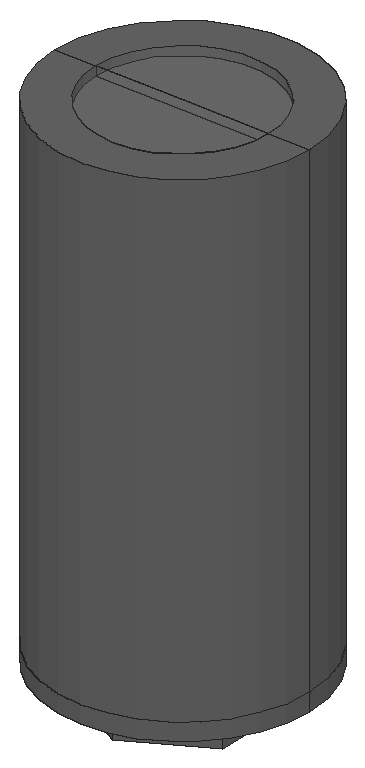
Revit family "LTC-6RDW-S", category Lighting Fixtures, host Face, Revit 2017
Family settings
  Host = Face
  Round Connector Dimension = Use Diameter
  Part Type = Normal
  OmniClass Number = 23.80.70.11.14.11
  OmniClass Title = Downlights
  Cut with Voids When Loaded = No
  Light Source = Yes
  Shared = No
  Room Calculation Point = No
Parameters (values of type "LTC-6RDW-S")
  Wattage Comments = ""
  Wattage = 70 W
  Warranty = "• 5 year warranty\r\n• See HLI Standard Warranty for\r\nadditional information"  # constant formula
  built-in parameter 1150110 = 1 (stored number, unit not read)
  Voltage = 120 V
  built-in parameter 1114217 = 1 (stored number, unit not read)
  Tilt Angle = -90.00°  # constant formula
  built-in parameter 1150109 = 1 (stored number, unit not read)
  built-in parameter 1150134 = 3
  built-in parameter 1150113 = 1 (stored number, unit not read)
  S = yes
  Product Material = Paint - Hubbell - Carbon Black
  Photometric Web File = "LTC-6RD-P-20L35K8MD-DM1-S-BL.ies"
  Glass = Hubbell - White Glass
  Features = "• 6inch architectural LED downlight and wall wash cylinder delivering 600 - 2500 lm \r\n• 4 beam distributions from 0.3 to 1.1 Spacing Criteria \r\n• Quiet reflector appearance with 50º optical cutoff \r\n• SpectraSync™ Color Tuning technology allows the flexibility to tailor CCT to aesthetic preferences\r\n• Available in Dim To Warm (2200K-3000K) or Tunable White (2700K-5000K or 2700K-6500K), 90+ CRI \r\n• Available in Surface, Wall, Pendant, or Cable/Cord Mount configurations \r\n• Versatile canopy options for recessed and surface-mounted J-box applications \r\n• Standard with 0-10V dimming to 5%\r\n"  # constant formula
  Cord Height = 72.000"
  built-in parameter 1150105 = 389.93 (stored number, unit not read)
  Lumens = 4900 lm
  built-in parameter 1150115 = 1 (stored number, unit not read)
  built-in parameter 1150137 = (empty or 0)
  built-in parameter 1150139 = (empty or 0)
  built-in parameter 1150112 = 1 (stored number, unit not read)
  built-in parameter 1150114 = 1 (stored number, unit not read)
  built-in parameter 1150132 = (empty or 0)
  built-in parameter 1150102 = (empty or 0)
  built-in parameter 1150107 = 3200 (stored number, unit not read)
  built-in parameter 1150138 = (empty or 0)
  built-in parameter 1150106 = 3.8993 (stored number, unit not read)
  Emit from Circle Diameter = 6.000"  # constant formula
  Emit Shape Visible in Rendering = no
  built-in parameter 1150104 = 6.5032 (stored number, unit not read)
  Dimming Lamp Color Temperature Shift = <None>
  Copyright = "© 2021 Prescolite, a division of Hubbell Lighting, Inc"  # constant formula
  Contact us = "https://www.hubbell.com/prescolite/en/contactUs"
  Color Filter = 16777215
  Certifications = "• cCSAus certified to UL 1598\r\n• Wall Mount: Suitable for wet locations\r\n• Surface & Pendant Mount: Suitable for wet\r\nlocations under covered ceiling\r\n• Cord Mount and all Wall Wash: Suitable for\r\ndamp locations"  # constant formula
  Canopy WIdth = 7.340"
  Canopy Height = 0.500"
  Canopy = yes
  built-in parameter 1114218 = 1 (stored number, unit not read)
  Ballast = Paint - Hubbell - Carbon Black
  URL = "https://www.hubbell.com/prescolite/en"
  Product Page URL = "https://www.hubbell.com/prescolite/en/Products/Lighting-Controls/Commercial-Indoor-Lighting/Cylinders/LITEISTRY-6-Round-Cylinder-wSpectraSync/p/3775873"
  Product Documentation Link = "https://hubbellcdn.com/specsheet/LTC-6RDW%20SpectraSync.pdf"
  Model = "LTC-6RDW"  # constant formula
  Manufacturer = "Prescolite"  # constant formula
  Lamp = "LED Lamp"
  Reflector = Glass - Hubbell - Glass
  Description = "LITEISTRY™ 6inch Round Cylinder Downlight/Wall Wash"  # constant formula
  Default Elevation = 48.000"
  built-in parameter 1150133 = 10 (stored number, unit not read)
  Apparent Load = 72 VA  # constant formula
Types (3): name | S | Canopy WIdth | Canopy Height
  (no name) | yes | 7.340" | 0.500"
  LTC-6RDW-S | yes | 7.340" | 0.500"
  LTC-6RDW-SCC | no | 7.500" | 3.000"
Reference planes (in)
  plane 1 "Center (Front/Back)": y = 0
  plane 2: z = 0
  plane 3 "Center (Left/Right)": x = 0
  plane 4: y = 1
  plane 5: y = -1
  plane 6: x = -3.67
  plane 7: x = 3.67
  plane 8: z = 0.5
  plane 9: z = 14.5
Forms (in)
  Revolve 1, solid, material "Paint - Hubbell - Carbon Black" <- "Product Material"
    sketch origin (-0.04663, 0, 1) x (1, 0, 0) y (0, 0, 1)
      loop
        line (2.545, 13.5) -> (2.545, 13.25) -> (0.04663, 13.25) -> (0.04663, -0.5) -> (3.71663, -0.5) -> (3.71663, 13.5) -> (2.545, 13.5)
      axis (0.04663, 13.5) -> (0.04663, -0.5)
    angle from 0 to 360
  Revolve 2, solid, material "Hubbell - White Glass" <- "Glass"
    sketch origin (-0.04663, 0, 0) x (1, 0, 0) y (0, 0, 1)
      loop
        line (0.04663, 14.5) -> (0.04663, 14.25) -> (2.545, 14.25) -> (2.545, 14.5) -> (0.04663, 14.5)
      axis (0.04663, 14.5) -> (0.04663, 14.25)
    angle from 0 to 360
  Revolve 3, solid, material "Paint - Hubbell - Carbon Black" <- "Product Material", visible <- "Canopy"
    sketch origin (-0.04663, 0, 0.25) x (1, 0, 0) y (0, 0, 1)
      loop
        line (0.04663, -0.25) -> (3.71663, -0.25) -> (3.71663, 0.25) -> (0.04663, 0.25) -> (0.04663, -0.25)
      axis (0.04663, 0.25) -> (0.04663, -0.25)
    angle from 0 to 360
  Extrusion 4, solid, material "Paint - Hubbell - Carbon Black" <- "Ballast", visible <- "S"
    sketch origin (7.83986, -180, 7.93836) x (-1, 0, 0) y (0, -1, 0)
      loop
        line (7.83986, -182.49837) -> (10.00351, -181.24918) -> (10.00351, -178.75082) -> (7.83986, -177.50163) -> (5.67622, -178.75082) -> (5.67622, -181.24918) -> (7.83986, -182.49837)
    from -8.86872 to -7.93836
Dimensions and locks (in)
  plane 4 to plane 1 "Center (Front/Back)" to plane 5 = 1.000" locked, 1.000" locked
  equal spacing: plane 7, plane 3 "Center (Left/Right)", plane 6
  "Canopy WIdth": plane 7 to plane 6
  "Canopy Height": plane 8 to plane 2
  Revolve 1 sketch curve to Revolve 1 sketch curve to Revolve 1 sketch curve = 0.250" locked, 13.750" locked
  locked: Revolve 1 to Revolve 1 at 0.25
  locked: plane 9 to plane 8 at 14
  aligned and locked: plane 2 to host face
  aligned and locked: plane 3 "Center (Left/Right)" to imposter light
  aligned and locked: Revolve 3 sketch curve to Revolve 3 sketch curve
  aligned and locked: Revolve 3 to plane 8
  aligned and locked: plane 9 to Revolve 1 sketch curve
  aligned and locked: Revolve 1 to plane 9
  aligned and locked: Revolve 2 sketch curve to plane 3 "Center (Left/Right)"
  aligned and locked: plane 3 "Center (Left/Right)" to Revolve 2 sketch curve
  aligned and locked: imposter light to plane 9
  aligned and locked: Revolve 1 sketch curve to plane 3 "Center (Left/Right)"
  aligned and locked: Revolve 1 sketch curve to Revolve 1 sketch curve
  aligned and locked: Revolve 3 sketch curve to plane 3 "Center (Left/Right)"
  aligned and locked: plane 7 to Revolve 3 sketch curve
  aligned and locked: Revolve 3 sketch curve to plane 8
  aligned and locked: Revolve 3 sketch curve to host face
Automatic sketch dimensions
  host sketch curve to host sketch curve = 96.000"  (x2)
  Revolve 1 sketch curve to Revolve 1 sketch curve = 1.17163"
  Revolve 1 sketch curve to level = 23.000"
  Revolve 1 sketch curve to Revolve 1 sketch curve = 16.88245"
  Revolve 2 sketch curve to plane 8 = 13.750"
  Revolve 2 sketch curve to Revolve 2 sketch curve = 0.250"
  Revolve 2 sketch curve to level = 13.73828"
  Revolve 2 sketch curve to Revolve 2 sketch curve = 7.000"
  Revolve 3 sketch curve to level = 23.750"
  Revolve 3 sketch curve to Revolve 3 sketch curve = 24.89417"
  plane 3 "Center (Left/Right)" to Revolve 1 sketch curve = 2.49837"
  plane 3 "Center (Left/Right)" to Revolve 2 sketch curve = 2.49837"
Connectors (in)
  electrical at (0, 0, 0), driven by "Description", driven by "Voltage", driven by "Apparent Load"
    settings: index 1, voltage 120 V, apparent load 72 VA, apparent load phase1 0 VA, apparent load phase2 0 VA, apparent load phase3 0 VA, power factor 1, load classification "Other", number of poles 1, system type 30, power factor state 1, is connector primary yes, connector utility no, sub classification motor no, connector description "LITEISTRY™ 6inch Round Cylinder Downlight/Wall Wash"
